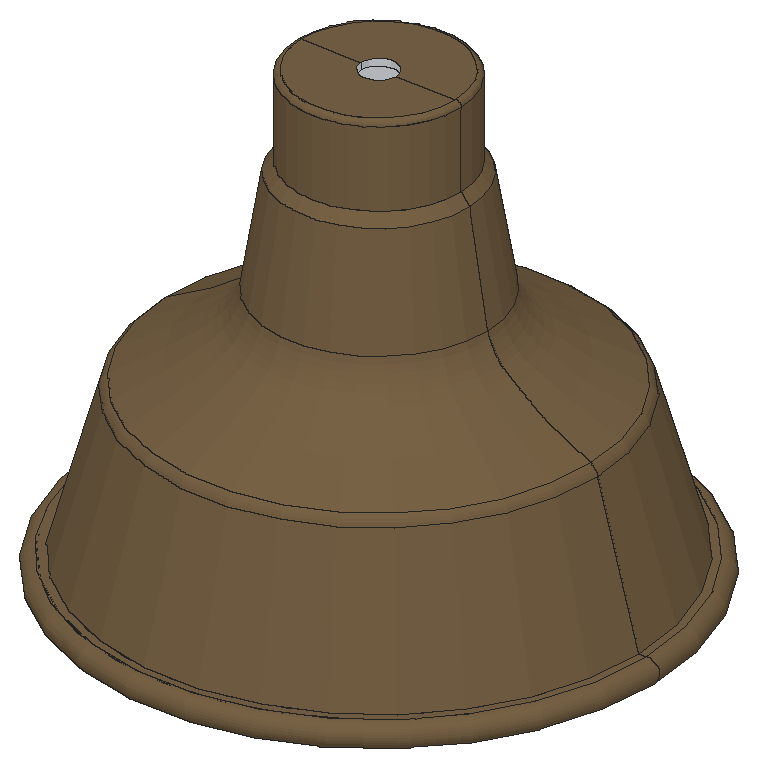
Revit family "WS508 SHADE", category Lighting Fixtures, Revit 2024
Family settings
  Round Connector Dimension = Use Diameter
  Part Type = Normal
  OmniClass Number = 23.80.70.00
  OmniClass Title = Lighting
  Work Plane-Based = No
  Always vertical = Yes
  Cut with Voids When Loaded = No
  Light Source = Yes
  Maintain Annotation Orientation = No
  Shared = No
  Room Calculation Point = No
Parameters
  Wattage = 12.1178 W
  built-in parameter 1150110 = 1 (stored number, unit not read)
  built-in parameter 1114217 = 1 (stored number, unit not read)
  built-in parameter 1150109 = 1 (stored number, unit not read)
  built-in parameter 1150134 = (empty or 0)
  built-in parameter 1150113 = 1 (stored number, unit not read)
  Lumens = 1800 lm
  built-in parameter 1150115 = 1 (stored number, unit not read)
  built-in parameter 1150105 = 572.96 (stored number, unit not read)
  Light Source Symbol Size = 2' - 0"
  built-in parameter 1150137 = (empty or 0)
  built-in parameter 1150139 = (empty or 0)
  built-in parameter 1150112 = 1 (stored number, unit not read)
  built-in parameter 1150114 = 1 (stored number, unit not read)
  built-in parameter 1150132 = 2
  built-in parameter 1150102 = (empty or 0)
  built-in parameter 1150138 = (empty or 0)
  built-in parameter 1150107 = 3000 (stored number, unit not read)
  built-in parameter 1150106 = 5.7296 (stored number, unit not read)
  built-in parameter 1150104 = 13.8 (stored number, unit not read)
  Dimming Lamp Color Temperature Shift = (empty or 0)
  Default Elevation = 0' - 0"
  Color Filter = 16777215
  built-in parameter 1114218 = 1 (stored number, unit not read)
  built-in parameter 1150133 = 10 (stored number, unit not read)
Reference planes (in)
  plane 1 "Light Source Axis (F/B)": y = 0
  plane 2: z = 0
  plane 3 "Light Source Axis (L/R)": x = 0
  plane 4 "Light Source Elevation": z = 84
Forms (in)
  Revolve 1, solid
    sketch origin (0, 0, 0) x (1, 0, 0) y (0, 0, 1)
      loop
        line (-0.25, 90.40625) -> (-0.25, 90.5) -> (-1.1, 90.5)
        arc (-1.1, 90.5) -> (-1.15303, 90.47803) -> (-1.175, 90.425) r 0.075
        line (-1.175, 90.425) -> (-1.175, 89.35) -> (-1.30086, 89.2) -> (-1.55474, 87.70948)
        spline (-1.55474, 87.70948) -> (-1.60699, 87.55458) -> (-1.67667, 87.42897) -> (-1.74915, 87.33087) -> (-1.82699, 87.2515) -> (-1.91422, 87.18052) -> (-2.01511, 87.10746) -> (-2.13316, 87.02695) -> (-2.27103, 86.93887) -> (-2.43133, 86.8433) -> (-2.61401, 86.74133) -> (-2.81384, 86.63589) -> (-3.02501, 86.53016)
        arc (-3.02501, 86.53016) -> (-3.08648, 86.47234) -> (-3.11979, 86.3948) r 0.20724
        line (-3.11979, 86.3948) -> (-3.70854, 84.34159) -> (-3.82921, 84.34159)
        arc (-3.82921, 84.34159) -> (-3.94811, 84.04819) -> (-3.65849, 84.17603) r 0.17079
        line (-3.65849, 84.17603) -> (-3.02851, 86.37303)
        arc (-3.02851, 86.37303) -> (-3.00746, 86.42163) -> (-2.96664, 86.45539) r 0.11349
        spline (-2.96664, 86.45539) -> (-2.75598, 86.56134) -> (-2.55648, 86.66707) -> (-2.37382, 86.76953) -> (-2.2127, 86.86594) -> (-2.07399, 86.95496) -> (-1.95504, 87.03639) -> (-1.85281, 87.11072) -> (-1.76046, 87.18621) -> (-1.67505, 87.27367) -> (-1.59579, 87.38133) -> (-1.52143, 87.51594) -> (-1.46232, 87.69374)
        line (-1.46232, 87.69374) -> (-1.21271, 89.15921) -> (-1.08125, 89.31588) -> (-1.08125, 90.40625) -> (-0.25, 90.40625)
      axis (0, 90.5) -> (0, 84.17603)
    angle from 0 to 360
Dimensions and locks (in)
  aligned and locked: plane 3 "Light Source Axis (L/R)" to imposter light
  aligned and locked: plane 1 "Light Source Axis (F/B)" to imposter light
  aligned and locked: plane 4 "Light Source Elevation" to imposter light
  aligned and locked: level to plane 2
